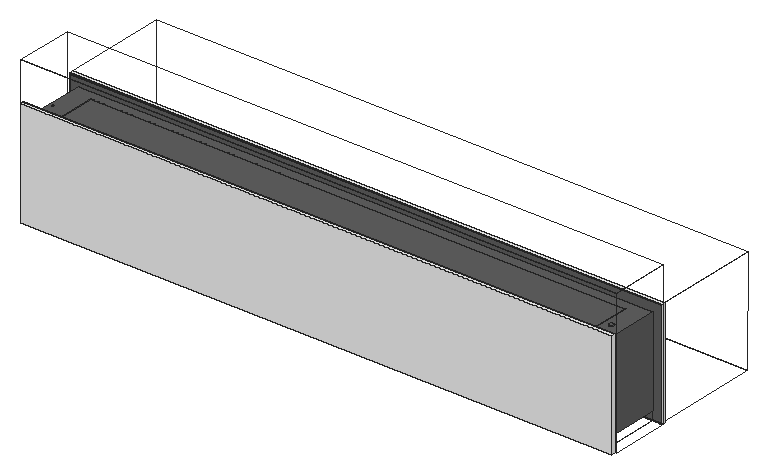
Revit family "AIRTECNICS_AIR CURTAIN_ZEN_WATER HEATED (P)123", category Mechanical Equipment, Revit 2016
Family settings
  Part Type = Normal
  Round Connector Dimension = Use Diameter
  OmniClass Number = 23.75.70.21.17
  OmniClass Title = Air Curtains
  Work Plane-Based = No
  Always vertical = Yes
  Cut with Voids When Loaded = No
  Shared = No
  Room Calculation Point = No
Parameters (values of type "ZEN M 2500 P")
  · POSITION · [instance] = "-/ Select Curtain Position /-"  # constant formula
  · PIPES POSITION · [instance] = "-/ Select Pipes Position /-"  # constant formula
  · OTHERS · [instance] = "-/ Select Supports - Inst.Maint. Space /-"  # constant formula
  · HEATING · [instance] = "-/ Select Heating /-"  # constant formula
  Weight [instance] = size_lookup(Name_Lookup_Data, "Weight", 1.00 kg, COD)  # 86.00 kg
  Water Pipes_P4 [instance] = no
  Water Pipes_P3 [instance] = no
  Water Pipes_P2 (Std) [instance] = if(or(Water Pipes_P1, Water Pipes_P3, Water Pipes_P4), 1 = 0, 1 = 1)  # yes
  Water Pipes_P1 [instance] = no
  Water Flow Connector [instance] = size_lookup(Name_Lookup_Data, "Water Flow_connector", 1.0 L/s, COD)  # 0.33 L/s
  Water Drop Pressure [instance] = size_lookup(Name_Lookup_Data, "Water Drop Pressure", 1.0 Pa, COD)  # 3810.0 Pa
  Water Coil Volume [instance] = size_lookup(Name_Lookup_Data, "Water Coil Volume", 1.0 L, COD)  # 2.6 L
  Water Coil Rows [instance] = size_lookup(Name_Lookup_Data, "Water Coil Rows", 1, COD)  # 2
  Voltage = 230 V  # constant formula
  Vertical Right [instance] = no
  Vertical Left [instance] = no
  URL_Manufacturer = "https://www.airtecnics.com/"
  URL_Datasheet = "https://www.airtecnics.com/download/file/1959/zen.pdf"
  Supports Length [instance] = 0.0 mm
  Supports (Horizontal) [instance] = if(and(Horizontal, Supports Length > 0.0 mm), 1 = 1, 1 = 0)  # no
  Revit Version = "Revit 2016 - English"  # constant formula
  Review Date = "10/2018"  # constant formula
  Remote Control = "IR-AIR"  # constant formula
  URL = "https://www.airtecnics.com/products/air-curtain-zen"
  Product Size = if(L = 1000.0 mm, "1000", if(L = 1500.0 mm, "1500", if(L = 2000.0 mm, "2000", "2500")))  # "2500"
  Product Reference [instance] = size_lookup(Name_Lookup_Ref, "", "Consult Manufacturer", COD)  # "ZEN M 2500 P86"
  Product Heating [instance] = if(and([P54 - 50/40ºC - 4 ROWS], not([P64 - 60/40ºC - 3 ROWS]), not([P86 - 80/60ºC - 2 ROWS])), "P54 - 50/40ºC - 4 ROWS", if(and([P64 - 60/40ºC - 3 ROWS], not([P54 - 50/40ºC - 4 ROWS]), not([P86 - 80/60ºC - 2 ROWS])), "P64 - 60/40ºC - 3 ROWS", if(and([P86 - 80/60ºC - 2 ROWS], not([P54 - 50/40ºC - 4 ROWS]), not([P64 - 60/40ºC - 3 ROWS])), "P86 - 80/60ºC - 2 ROWS", "Consult Manufacturer")))  # "P86 - 80/60ºC - 2 ROWS"
  Product Description [instance] = size_lookup(Name_Lookup_Data, "", "Consult Manufacturer", COD)  # "Self-supporting casing construction made of galvanized steel plate, finished in structural epoxy-polyester painting white colour RAL9016 as standard. Other colours or stainless steel are available on request. \r\nMicro-perforated inlet grille with filter functions and easy service. It does not need prefilter.\r\nAnodized aluminium outlet vanes, airfoil shaped, adjustable from 0 to 15º each side.\r\nDouble-inlet centrifugal fans driven by an external rotor motor and low noise level. 5-speed selector. \r\n“P” type with water heated coil. \r\nIncludes Plug&Play control with 7m RJ45 cable and infrared remote control. Optional: Clever control (programmable, automatic, intelligent, energy saving, Modbus RTU for BMS…)\r\nAir Volume: 4150 m3/h \r\nFans:  1,07 kW  4,75 A 230Vx1 50Hz\r\nHeating power: 26,92 kW (80/60ºC)\r\nDimensions: 475x260x2500 mm (depth, height, length)"
  Power Fans Factor [instance] = (Power Fans) / (Voltage * Current Fans)  # 0.98057
  Power Fans [instance] = size_lookup(Name_Lookup_Data, "Power Fans", 1 kW, COD)  # 0.742 kW
  P86 - 80/60ºC - 2 ROWS [instance] = if(or([P54 - 50/40ºC - 4 ROWS], [P64 - 60/40ºC - 3 ROWS]), 1 = 0, 1 = 1)  # yes
  P64 - 60/40ºC - 3 ROWS [instance] = no
  P54 - 50/40ºC - 4 ROWS [instance] = no
  P = 1 = 1  # yes
  Noise Level (dB(A)) [instance] = size_lookup(Name_Lookup_Data, "Noise Level (dB(A))", 1, COD)  # 59
  Name_Lookup_Ref = "ZEN_(P)_Ref_Lookup"  # constant formula
  Name_Lookup_Data = "ZEN_(P)_Data_Lookup"  # constant formula
  Model = "Air Curtain ZEN P"  # constant formula
  Material Panels [instance] = AIRTECNICS_Alumium Anodized
  Material Grille = AIRTECNICS_Perforated_Black Forge
  Material Curtain [instance] = AIRTECNICS_Black Forge
  Mainfolds [instance] = if(and([P54 - 50/40ºC - 4 ROWS], not(M), or(Water Pipes_P1, Water Pipes_P4)), "2x1'' M", if(and([P54 - 50/40ºC - 4 ROWS], not(M), or([Water Pipes_P2 (Std)], Water Pipes_P3)), "2x1'' F", if(or(Water Pipes_P1, Water Pipes_P4), "2x3/4'' M", "2x3/4'' F")))  # "2x3/4'' F"
  M = yes
  Length = if(L = 1000.0 mm, 1220.0 mm, if(L = 1500.0 mm, 1620.0 mm, if(L = 2000.0 mm, 2120.0 mm, 2620.0 mm)))  # 2620.0 mm
  Height = 291.0 mm  # constant formula
  Heating Capacity [instance] = size_lookup(Name_Lookup_Data, "Heating Capacity", 1 kW, COD)  # 27.69 kW
  G = no
  Frequency = 50 Hz  # constant formula
  Fans Stage = 5  # constant formula
  Family Version = "2.0"  # constant formula
  EC = no
  Depth = 473.0 mm  # constant formula
  D_Pipping_Connector [instance] = if(and([P54 - 50/40ºC - 4 ROWS], not(M)), 25 mm, 20 mm)  # 20 mm
  Current Fans [instance] = size_lookup(Name_Lookup_Data, "Current Fans", 1 A, COD)  # 3.29 A
  Created by = "BIMETRICAL"  # constant formula
  Control = "CW-5AW-IR"  # constant formula
  Cable = "CB7"  # constant formula
  COD [instance] = if(M, 1, 0) + if(and(G, not(EC)), 2, 0) + if(and(EC, G), 4, 0) + if([P54 - 50/40ºC - 4 ROWS], 10, 0) + if([P64 - 60/40ºC - 3 ROWS], 20, 0) + if([P86 - 80/60ºC - 2 ROWS], 40, 0) + if(L = 1000.0 mm, 100, 0) + if(L = 1500.0 mm, 200, 0) + if(L = 2000.0 mm, 400, 0) + if(L = 2500.0 mm, 800, 0)  # 841
  Aspiration/Maintenance Space [instance] = yes
  Apparent Load [instance] = size_lookup(Name_Lookup_Data, "Apparent Load", 1 VA, COD)  # 757.143 VA
  Airflow [instance] = size_lookup(Name_Lookup_Data, "Airflow", 1 m³/h, COD)  # 4340 m³/h
  A [instance] = if(Horizontal, 236.5 mm, 0.0 mm)  # 236.5 mm
  L = 2500.0 mm
  Type Image = <None>
  IfcExportType = "WATERHEATINGCOIL"  # constant formula
  IfcExportAs = "IfcCoilType"  # constant formula
  Horizontal [instance] = if(or(Vertical Left, Vertical Right), 1 = 0, 1 = 1)  # yes
  Manufacturer = "AIRTECNICS"  # constant formula
  Description = ""
  Type Comments = "Decorative air curtain in contemporary architectural style. Its minimalist and smart design integrates in any environment and offers infinite options to customize.\r\nThe panels can include logos, lighting, signage, safety or information signs, graphics, pictures, clocks, all according to customer specifications.\r\nFront anodized aluminium panels. Optionally manufactured in brushed or mirror polished stainless steel. Other materials are possible, such as galvanized steel, smooth or texturated skinplate, wood, etc.\r\nCentral structure made of galvanized steel finished in black forge as standard. Other colours are available on request.\r\nAnodized aluminium outlet vanes, airfoil shaped, adjustable in both directions.\r\nDouble-inlet centrifugal fans driven by an external rotor motor and low noise level. 5-speed selector. EC models assembled with very low consumption efficiency fans.\r\n“P” type with water heated coil. “E” type with electrical shielded elements, three stages with integrated regulation. “A” type without heating, air only. Optional expansion DX coil.\r\nIncludes Plug&Play control with 7m RJ45 cable and infrared remote control. Optional: Clever control (programmable, automatic, intelligent, energy saving, Modbus RTU for BMS…)"  # constant formula
  BIMETRICAL Category = "Coil"  # constant formula
  BIMETRICAL = "http://www.bimetrical.com"  # constant formula
  Angle [instance] = if(Horizontal, 0.00°, 90.00°)  # 0.00°
Reference planes
  plane 1 "Centro (Frontal/Posterior)": z = 0
  plane 2: y = 246.57
  plane 3 "Centro (Izquierda/Derecha)": x = 0
  plane 4 "Susp": z = 236.5
Lines and regions (mm)
  reference lines
    curve 1: line (0, 246.57, 236.5) -> (-145, 246.57, 236.5)
Dimensions and locks
  locked: plane 2 to nested 1 at 145.5
  "A": plane 4 "Susp" to plane 1 "Centro (Frontal/Posterior)"
  "Angle": angle plane 4 "Susp" to curve 1
  aligned and locked: plane 3 "Centro (Izquierda/Derecha)" to curve 1
  aligned and locked: plane 4 "Susp" to curve 1
Nested families
  nested 1: "GEOM_ZEN_(P)" at (0, 246.57, 236.5) x (0, 0, -1) z (1, 0, 0), type "GEOM_ZEN_(P)"
    with Z 0.0 mm, Vs2 yes, Vertical Right no, Vertical Left yes, Vertical no, M 2566.5 mm, K 833.0 mm, J 847.0 mm, G 1272.0 mm, COD 824, L 2500.0 mm, I 2544.0 mm, Horizontal yes, F 2490.0 mm, E 2620.0 mm, A 2515.0 mm
Connectors
  electrical at (-1257.5, 215.07, 433), driven by "Apparent Load", driven by "Voltage", driven by "Power Fans Factor", driven by "Apparent Load"
    settings: on nested 1, index 3, voltage 230 V, apparent load 757.143 VA, apparent load phase1 757.143 VA, apparent load phase2 0 VA, apparent load phase3 0 VA, power factor 0.98057, load classification "HVAC", number of poles 1, system type 30, power factor state 1, is connector primary yes, connector utility no, sub classification motor no, connector description ""
  piping at (1217, 155.07, 433), diameter 20, driven by "Water Flow Connector", driven by "Water Drop Pressure", driven by "D_Pipping_Connector"
    settings: on nested 1, index 4, connector inside diameter 609.6 mm, connector length 0.0 mm, flow factor 0, pipe flow 0.33 L/s, pressure drop 3810.0 Pa, fitting loss kfactor 0, connector angle 0.00°, fixture units 0, engagement length 0.0 mm, angle of deflection 0.00°, flow configuration 1, flow direction 1, fitting loss method 4, system type 7, joint type 0, gender type 0, connector reference index -1, connector utility 0, adjustable connector no, is connector primary yes, connector description "In"
  piping at (1217, 215.07, 433), diameter 20, driven by "Water Flow Connector", driven by "D_Pipping_Connector"
    settings: on nested 1, index 5, connector inside diameter 609.6 mm, connector length 0.0 mm, flow factor 0, pipe flow 0.33 L/s, pressure drop 0.0 Pa, fitting loss kfactor 0, connector angle 0.00°, fixture units 0, engagement length 0.0 mm, angle of deflection 0.00°, flow configuration 1, flow direction 2, fitting loss method 0, system type 8, joint type 0, gender type 0, connector reference index -1, connector utility 0, adjustable connector no, is connector primary no, connector description "Out"
Definition of nested family "GEOM_ZEN_(P)"
  Parameters (values of type "GEOM_ZEN_(P)")
    des.D = if(or(and(Vertical Right, V1), Horizontal), 361.0 mm, 0.0 mm)  # 361.0 mm
    des.C = if(or(and(Vertical Right, V1), Horizontal), 0.0 mm, 392.0 mm)  # 0.0 mm
    des.B = if(or(and(Vertical Right, V1), Horizontal), 0.0 mm, 298.3 mm)  # 0.0 mm
    Z = if(Horizontal, 0.0 mm, if(L = 1000.0 mm, E / 2 + 18.0 mm, E / 2 + 20.0 mm))  # 830.0 mm
    Water Pipes_P4 = no
    Water Pipes_P3 = no
    Water Pipes_P2 = yes
    Water Pipes_P1 = no
    Vsup1 = if(and(Vsup, Horizontal, L_Sup > 0.0 mm), 1 = 1, 1 = 0)  # no
    Vsup = no
    Vs2 = if(L > 2000.0 mm, 1 = 1, 1 = 0)  # no
    Vs1 = if(L > 1000.0 mm, 1 = 1, 1 = 0)  # yes
    Vinst2 = if(or(Vinst1, not([Aspiration/Maintenance Space])), 1 = 0, 1 = 1)  # yes
    Vinst1 = if(and([Aspiration/Maintenance Space], V2), 1 = 1, 1 = 0)  # no
    Vertical Right = yes
    Vertical Left = if(Vertical Right, 1 = 0, 1 = 1)  # no
    Vertical = if(and(not(Horizontal), or(Vertical Right, Vertical Left)), 1 = 1, 1 = 0)  # yes
    V2 = if(Horizontal, 1 = 0, if(or(Horizontal, Vertical Left), 1 = 1, 1 = 0))  # no
    V1 = if(Horizontal, 1 = 1, if(and(Vertical Right, Vertical), 1 = 1, 1 = 0))  # yes
    Revit Version = "Revit 2016 - English"  # constant formula
    Review Date = "10/18"  # constant formula
    O = if(L = 1000.0 mm, 54.5 mm, 52.5 mm)  # 52.5 mm
    Model = "ZEN"  # constant formula
    Material Perforated = none
    Material Panels = none
    Material Curtain = none
    Family Version = "2.0"  # constant formula
    Manufacturer = "AIRTECNICS"  # constant formula
    M = if(L = 1000.0 mm, L + 162.5 mm, L + 66.5 mm)  # 1566.5 mm
    Lookup_Dimensions.C2_Name = "C2_Dimensions_Lookup"  # constant formula
    Lookup_Dimensions.C1_Name = "C1_Dimensions_Lookup"  # constant formula
    L_Sup = 0.0 mm
    K = if(L = 2500.0 mm, 833.0 mm, 0.0 mm)  # 0.0 mm
    J = if(L = 1500.0 mm, 764.0 mm, if(L = 2000.0 mm, 1014.0 mm, if(L = 2500.0 mm, 847.0 mm, 573.5 mm)))  # 764.0 mm
    H = des.A + 51.0 mm  # 428.5 mm
    G = if(Vertical, I + 58.0 mm, F / 2 + 27.0 mm)  # 1602.0 mm
    D_Pipping_Connector = 20 mm
    Created by = "BIMETRICAL"  # constant formula
    COD = if(and(Vertical Right, Vertical), 1, 0) + if(and(Vertical Left, Vertical), 2, 0) + if(Horizontal, 4, 0) + if(Water Pipes_P1, 10, 0) + if(Water Pipes_P2, 20, 0) + if(Water Pipes_P3, 40, 0) + if(Water Pipes_P4, 80, 0) + if(L = 1000.0 mm, 100, 0) + if(L = 1500.0 mm, 200, 0) + if(L = 2000.0 mm, 400, 0) + if(L = 2500.0 mm, 800, 0)  # 221
    C2_D = size_lookup(Lookup_Dimensions.C2_Name, "C2_D", 98.0 mm, COD)  # 98.0 mm
    C2_C = size_lookup(Lookup_Dimensions.C2_Name, "C2_C", 34.5 mm, COD)  # 34.5 mm
    C2_B = size_lookup(Lookup_Dimensions.C2_Name, "C2_B", 34.5 mm, COD)  # 34.5 mm
    C2_A = size_lookup(Lookup_Dimensions.C2_Name, "C2_A", 55.0 mm, COD)  # 55.0 mm
    C1_D = size_lookup(Lookup_Dimensions.C1_Name, "C1_D", 38.0 mm, COD)  # 38.0 mm
    C1_C = size_lookup(Lookup_Dimensions.C1_Name, "C1_C", 34.5 mm, COD)  # 34.5 mm
    C1_B = size_lookup(Lookup_Dimensions.C1_Name, "C1_B", 34.5 mm, COD)  # 34.5 mm
    C1_A = size_lookup(Lookup_Dimensions.C1_Name, "C1_A", 55.0 mm, COD)  # 55.0 mm
    L = 1500.0 mm
    des.A = if(or(and(Vertical Right, V1), Horizontal), 377.5 mm, 0.0 mm)  # 377.5 mm
    I = if(L = 1000.0 mm, L + 140.0 mm, L + 44.0 mm)  # 1544.0 mm
    Horizontal = no
    F = I - 54.0 mm  # 1490.0 mm
    E = if(L = 1000.0 mm, L + 220.0 mm, L + 120.0 mm)  # 1620.0 mm
    Default Elevation = 1219.2 mm
    BIMETRICAL = "http://www.bimetrical.com/"  # constant formula
    Aspiration/Maintenance Space = yes
    A.Conn_S = if(or(and(Vertical Right, V1), Horizontal), 180.00°, 0.00°)  # 180.00°
    A.Conn_E = if(or(and(Vertical Right, V1), Horizontal), 180.00°, 0.00°)  # 180.00°
    A.Conn_2 = size_lookup(Lookup_Dimensions.C2_Name, "A.Conn_2", 0.00°, COD)  # 0.00°
    A.Conn_1 = size_lookup(Lookup_Dimensions.C1_Name, "A.Conn_1", 0.00°, COD)  # 0.00°
    A = if(L = 1000.0 mm, L + 115.0 mm, L + 15.0 mm)  # 1515.0 mm
  Reference planes
    plane 1 "Centro (Frontal/Posterior)": y = 0
    plane 2: z = 0
    plane 3 "Centro (Izquierda/Derecha)": x = 0
    plane 4: z = 830
    plane 5: y = -73.25
    plane 6: x = -196.5
    plane 7: z = 1547
    plane 8 "TUBERIA 1": y = -91.5
    plane 9: z = 1602
    plane 10 "TUBERIA 2": x = -162
    plane 11: x = -196.5
    plane 12: y = -129.5
    plane 13: x = 181
    plane 14: x = 196.495
    plane 15: x = -162
    plane 16: z = 1547
    plane 17: y = -31.5
    plane 18: z = 2639.027
    plane 19: z = 20
    plane 20: z = 1639
    plane 21: z = 838
    plane 22: z = 838
    plane 23: z = 72.5
    plane 24: y = -31.5
    plane 25: y = -91.5
  Forms (mm)
    Extrusion 1, solid
      sketch origin (0, 0, 0) x (1, 0, 0) y (0, 1, 0)
        loop
          line (-1219.2, 1219.2) -> (-1219.2, -1219.2) -> (1219.2, -1219.2) -> (1219.2, 1219.2) -> (-1219.2, 1219.2)
      from 0 to -304.8
    Extrusion 2, solid, material <- "Material Panels"
      sketch origin (0, 0, 889.252) x (0, -1, 0) y (1, 0, 0)
        loop
          line (-145.5, 236.5) -> (-145.5, -236.5) -> (-129.5, -236.5) -> (-129.5, 236.5) -> (-145.5, 236.5)
        loop
          line (145.5, 236.5) -> (129.5, 236.5) -> (129.5, -236.5) -> (145.5, -236.5) -> (145.5, 236.5)
      from -869.252 to 750.748
    Extrusion 3, solid, material <- "Material Curtain"
      sketch origin (0, 0, 889.252) x (0, -1, 0) y (0, 0, 1)
        loop
          line (-129.5, 712.748) -> (-129.5, -831.252) -> (129.5, -831.252) -> (129.5, 712.748) -> (-129.5, 712.748)
      from -196.5 to 196.5
    Extrusion 4, void, detail levels medium+fine
      sketch origin (-64.7, -73.5, 0) x (1, 0, 0) y (0, 1, 0)
        loop
          line (261.195, -34.75) -> (261.195, 35.25) -> (245.7, 35.25) -> (245.7, -34.75) -> (261.195, -34.75)
      from 85 to 1575
    Extrusion 5, solid, visible <- "V1", detail levels medium+fine
      sketch origin (0, 0, 1310) x (0, -1, 0) y (-1, 0, 0)
        loop
          line (58.464, -173.27) -> (61.756, -192)
          arc (61.756, -192) -> (63.451, -193.452) -> (65.121, -191.97) r 1.698
          line (65.121, -191.97) -> (68.095, -172.627)
          arc (68.095, -172.627) -> (62.951, -168.018) -> (58.464, -173.27) r 4.828
        loop
          line (78.553, -172.822) -> (81.504, -192.726)
          arc (81.504, -192.726) -> (83.138, -193.439) -> (84.08, -191.926) r 1.363
          line (84.08, -191.926) -> (87.529, -172.626)
          arc (87.529, -172.626) -> (82.938, -168.001) -> (78.553, -172.822) r 4.495
      from -265 to 1225
    Extrusion 6, solid, visible <- "V2", detail levels medium+fine
      sketch origin (0, 0, 1310) x (0, 1, 0) y (1, 0, 0)
        loop
          arc (-58.774, -173.603) -> (-59.776, -170.312) -> (-62.811, -168.693) r 4.495
          line (-62.811, -168.693) -> (-63.684, -168.693)
          arc (-63.684, -168.693) -> (-66.482, -170.045) -> (-67.734, -172.889) r 4.495
          line (-67.734, -172.889) -> (-64.759, -192.231)
          arc (-64.759, -192.231) -> (-63.451, -193.452) -> (-62.062, -192.325) r 1.363
          line (-62.062, -192.325) -> (-58.774, -173.603)
        loop
          arc (-84.395, -192.262) -> (-83.058, -193.451) -> (-81.696, -192.291) r 1.363
          line (-81.696, -192.291) -> (-78.88, -173.603)
          arc (-78.88, -173.603) -> (-79.882, -170.312) -> (-82.917, -168.693) r 4.495
          line (-82.917, -168.693) -> (-83.79, -168.693)
          arc (-83.79, -168.693) -> (-86.614, -170.073) -> (-87.844, -172.966) r 4.495
          line (-87.844, -172.966) -> (-84.395, -192.262)
      from -265 to 1225
    Extrusion 7, solid, material <- "Material Curtain", visible <- "Vertical"
      sketch origin (-779.074, -4572, 1549) x (-1, 0, 0) y (0, -1, 0)
        loop
          line (-586.574, -4698.5) -> (-586.574, -4445.5) -> (-971.574, -4445.5) -> (-971.574, -4698.5) -> (-586.574, -4698.5)
      from -1491 to -1549
    Extrusion 8, void
      sketch origin (0, 0, 0) x (1, 0, 0) y (0, 1, 0)
        loop
          line (-235.5, -129.5) -> (-235.5, -130.5) -> (235.5, -130.5) -> (235.5, -129.5) -> (-235.5, -129.5)
        loop
          line (-235.5, 129.5) -> (235.5, 129.5) -> (235.5, 130.5) -> (-235.5, 130.5) -> (-235.5, 129.5)
      from 21.044 to 1639.012
    Extrusion 9, void, detail levels medium+fine
      sketch origin (0, -0.321, 0) x (0, 1, 0) y (0, 0, 1)
        loop
          line (-102.318, 1514.4) -> (-102.318, 145.6) -> (90.521, 145.6) -> (90.521, 1514.4) -> (-102.318, 1514.4)
      from -101.8 to -196.5
    Extrusion 10, solid, material <- "Material Perforated"
      sketch origin (-60, 0, 0) x (0, 1, 0) y (0, 0, 1)
        loop
          line (-102.639, 1514.4) -> (-102.639, 145.6) -> (90.2, 145.6) -> (90.2, 1514.4) -> (-102.639, 1514.4)
      from -136.5 to -135.5
    Extrusion 11, solid, detail levels medium+fine
      sketch origin (-64.7, -73.5, 1575) x (0, 1, 0) y (1, 0, 0)
        loop
          line (16.25, 261.2) -> (-15.75, 261.2) -> (-15.75, 229.2) -> (16.25, 229.2) -> (16.25, 261.2)
      from 0 to 3
    Extrusion 12, solid, detail levels medium+fine
      sketch origin (-64.7, -73.5, 85) x (1, 0, 0) y (0, 1, 0)
        loop
          line (229.2, 16.25) -> (229.2, -15.75) -> (261.2, -15.75) -> (261.2, 16.25) -> (229.2, 16.25)
      from 0 to 3
    Extrusion 13, solid, visible <- "Vs1", detail levels medium+fine
      sketch origin (0, -702.852, 838) x (0, -1, 0) y (1, 0, 0)
        loop
          line (-645.602, 164.5) -> (-613.602, 164.5) -> (-613.602, 196.5) -> (-645.602, 196.5) -> (-645.602, 164.5)
      from 0 to -3
    Extrusion 14, solid, material <- "Material Curtain", visible <- "Vs1", detail levels medium+fine
      sketch origin (0, -702.852, 835) x (1, 0, 0) y (0, -1, 0)
        loop
          line (196.5, -664.602) -> (196.5, -594.602) -> (164.5, -594.602) -> (164.5, -664.602) -> (196.5, -664.602)
      from 0 to 10
    Extrusion 15, solid, visible <- "Vs1", detail levels medium+fine
      sketch origin (0, -702.852, 825) x (0, 1, 0) y (1, 0, 0)
        loop
          line (645.602, 164.5) -> (645.602, 196.5) -> (613.602, 196.5) -> (613.602, 164.5) -> (645.602, 164.5)
      from 0 to 3
    Extrusion 16, solid, visible <- "Vs2", detail levels medium+fine
      sketch origin (0, -702.852, 838) x (0, -1, 0) y (1, 0, 0)
        loop
          line (-645.602, 164.5) -> (-613.602, 164.5) -> (-613.602, 196.5) -> (-645.602, 196.5) -> (-645.602, 164.5)
      from 0 to -3
    Extrusion 17, solid, material <- "Material Curtain", visible <- "Vs2", detail levels medium+fine
      sketch origin (0, -702.852, 835) x (1, 0, 0) y (0, -1, 0)
        loop
          line (164.5, -664.602) -> (196.5, -664.602) -> (196.5, -594.602) -> (164.5, -594.602) -> (164.5, -664.602)
      from 0 to 10
    Extrusion 18, solid, visible <- "Vs2", detail levels medium+fine
      sketch origin (0, -702.852, 825) x (0, 1, 0) y (1, 0, 0)
        loop
          line (645.602, 164.5) -> (645.602, 196.5) -> (613.602, 196.5) -> (613.602, 164.5) -> (645.602, 164.5)
      from 0 to 3
    Extrusion 19, solid, material <- "Material Curtain"
      sketch origin (-196.5, -31.5, 72.5) x (0, 0, 1) y (0, 1, 0)
        loop
          line (2.5, -2.5) -> (2.5, 2.5) -> (-2.5, 2.5) -> (-2.5, -2.5) -> (2.5, -2.5)
      from 0 to -1
    Extrusion 20, solid, visible <- "Vsup1"
      sketch origin (-196.5, -101, 1255.5) x (0, 0, 1) y (0, 1, 0)
        loop
          circle (332, 202) r 4
        loop
          circle (332, 0) r 4
        loop
          circle (-1183, 0) r 4
        loop
          circle (-1183, 202) r 4
      from -1 to 0
    Extrusion 21, solid, visible <- "Vinst2"
      sketch origin (0, -31.5, 92.379) x (0, 0, 1) y (1, 0, 0)
        loop
          line (1509.621, 236.5) -> (1509.621, -196.5) -> (-34.379, -196.5) -> (-34.379, 236.5) -> (-82.379, 236.5) -> (-82.379, -398.063) -> (1557.621, -398.063) -> (1557.621, 236.5) -> (1509.621, 236.5)
      from -98 to 161
    Extrusion 22, solid, visible <- "Vinst1"
      sketch origin (0, -31.5, 92.379) x (0, 0, 1) y (1, 0, 0)
        loop
          line (1509.621, -236.5) -> (1557.621, -236.5) -> (1557.621, 398.063) -> (-82.379, 398.063) -> (-82.379, -236.5) -> (-34.379, -236.5) -> (-34.379, 196.5) -> (1509.621, 196.5) -> (1509.621, -236.5)
      from -98 to 161
    Extrusion 23, solid, visible <- "Aspiration/Maintenance Space"
      sketch origin (0, 0, 1640) x (0, -1, 0) y (1, 0, 0)
        loop
          line (-129.5, 236.5) -> (-609.5, 236.5) -> (-609.5, -236.5) -> (-129.5, -236.5) -> (-129.5, 236.5)
      from 0 to -1620
    Extrusion 24, solid, material <- "Material Curtain"
      sketch origin (-196.5, -31.5, 1547) x (0, 1, 0) y (0, 0, -1)
        loop
          circle (0, 0) r 10
      from 0 to -1
    Extrusion 25, solid, material <- "Material Curtain"
      sketch origin (-196.5, -91.5, 1547) x (0, 1, 0) y (0, 0, -1)
        loop
          circle (0, 0) r 10
      from 0 to -1
    Extrusion 26, solid, material <- "Material Curtain"
      sketch origin (0, 0, 1639.012) x (0, 1, 0) y (1, 0, 0)
        loop
          line (130.5, 235.5) -> (129.5, 235.5) -> (129.5, -235.5) -> (130.5, -235.5) -> (130.5, 235.5)
        loop
          line (-129.5, 235.5) -> (-130.5, 235.5) -> (-130.5, -235.5) -> (-129.5, -235.5) -> (-129.5, 235.5)
      from 0 to 1617.967
  Cuts and joins
    Extrusion 4, Extrusion 8 cuts Extrusion 2
    Extrusion 4, Extrusion 9 cuts Extrusion 3
  Lines and regions (mm)
    reference lines
      curve 1: line (-162, -31.5, 1547) -> (-196.5, -31.5, 1547)
      curve 2: line (-196.5, -31.5, 72.5) -> (0, -31.5, 72.5)
      curve 3: line (-196.5, -101, 1255.5) -> (0, -101, 1255.5)
      curve 83: line (-162, -91.5, 1547) -> (-196.5, -91.5, 1547)
    symbolic lines
      curve 4: line (-236.5, 145.5, 1255.5) -> (236.5, 145.5, 1255.5)
      curve 5: line (-236.5, 129.5, 1255.5) -> (-236.5, 145.5, 1255.5)
      curve 6: line (236.5, 129.5, 1255.5) -> (-236.5, 129.5, 1255.5)
      curve 7: line (236.5, 145.5, 1255.5) -> (236.5, 129.5, 1255.5)
      curve 8: line (-196.5, 129.5, 1255.5) -> (196.5, 129.5, 1255.5)
      curve 9: line (-196.5, -129.5, 1255.5) -> (-196.5, 129.5, 1255.5)
      curve 10: line (196.5, -129.5, 1255.5) -> (-196.5, -129.5, 1255.5)
      curve 11: line (196.5, 129.5, 1255.5) -> (196.5, -129.5, 1255.5)
      curve 12: line (-236.5, -145.5, 1255.5) -> (236.5, -145.5, 1255.5)
      curve 13: line (-236.5, -129.5, 1255.5) -> (-236.5, -145.5, 1255.5)
      curve 14: line (236.5, -129.5, 1255.5) -> (-236.5, -129.5, 1255.5)
      curve 15: line (236.5, -145.5, 1255.5) -> (236.5, -129.5, 1255.5)
      curve 16: line (0, 145.5, 1640) -> (0, 129.5, 1640)
      curve 17: line (0, 145.5, 20) -> (0, 145.5, 1640)
      curve 18: line (0, 129.5, 20) -> (0, 145.5, 20)
      curve 19: line (0, 129.5, 1640) -> (0, 129.5, 20)
      curve 20: line (0, -145.5, 1640) -> (0, -129.5, 1640)
      curve 21: line (0, -145.5, 20) -> (0, -145.5, 1640)
      curve 22: line (0, -129.5, 20) -> (0, -145.5, 20)
      curve 23: line (0, -129.5, 1640) -> (0, -129.5, 20)
      curve 24: line (0, -129.5, 1602) -> (0, 129.5, 1602)
      curve 25: line (0, -129.5, 58) -> (0, -129.5, 1602)
      curve 26: line (0, 129.5, 58) -> (0, -129.5, 58)
      curve 27: line (0, 129.5, 1602) -> (0, 129.5, 58)
      curve 70: line (0, -58.444, 1575) -> (0, -68.095, 1575)
      curve 71: line (0, -58.444, 85) -> (0, -58.444, 1575)
      curve 72: line (0, -68.095, 85) -> (0, -58.444, 85)
      curve 73: line (0, -68.095, 1575) -> (0, -68.095, 85)
      curve 74: line (0, -78.541, 1575) -> (0, -87.838, 1575)
      curve 75: line (0, -78.541, 85) -> (0, -78.541, 1575)
      curve 76: line (0, -87.838, 85) -> (0, -78.541, 85)
      curve 77: line (0, -87.838, 1575) -> (0, -87.838, 85)
    symbolic lines, visible <- "Vertical"
      curve 28: line (0, 126.5, 0) -> (0, -126.5, 0)
      curve 29: line (0, 126.5, 58) -> (0, 126.5, 0)
      curve 30: line (0, -126.5, 58) -> (0, 126.5, 58)
      curve 31: line (0, -126.5, 0) -> (0, -126.5, 58)
    symbolic lines, visible <- "Aspiration/Maintenance Space"
      curve 32: line (-236.5, 129.5, 1255.5) -> (236.5, 129.5, 1255.5)
      curve 33: line (-236.5, 609.5, 1255.5) -> (-236.5, 129.5, 1255.5)
      curve 34: line (236.5, 609.5, 1255.5) -> (-236.5, 609.5, 1255.5)
      curve 35: line (236.5, 129.5, 1255.5) -> (236.5, 609.5, 1255.5)
      curve 44: line (0, 129.5, 1640) -> (0, 609.5, 1640)
      curve 45: line (0, 129.5, 20) -> (0, 129.5, 1640)
      curve 46: line (0, 609.5, 20) -> (0, 129.5, 20)
      curve 47: line (0, 609.5, 1640) -> (0, 609.5, 20)
    symbolic lines, visible <- "Vinst1"
      curve 36: line (196.5, 129.5, 1255.5) -> (398.063, 129.5, 1255.5)
      curve 37: line (196.5, -129.5, 1255.5) -> (196.5, 129.5, 1255.5)
      curve 38: line (398.063, -129.5, 1255.5) -> (196.5, -129.5, 1255.5)
      curve 39: line (398.063, 129.5, 1255.5) -> (398.063, -129.5, 1255.5)
      curve 48: line (-236.5, -31.5, 1650) -> (398.063, -31.5, 1650)
      curve 49: line (398.063, -31.5, 1650) -> (398.063, -31.5, 10)
      curve 50: line (398.063, -31.5, 10) -> (-236.5, -31.5, 10)
      curve 84: line (-236.5, -91.5, 1640) -> (-236.5, -91.5, 1650)
      curve 85: line (-236.5, -91.5, 10) -> (-236.5, -91.5, 20)
    symbolic lines, visible <- "Vinst2"
      curve 40: line (-398.063, 129.5, 1255.5) -> (-196.5, 129.5, 1255.5)
      curve 41: line (-398.063, -129.5, 1255.5) -> (-398.063, 129.5, 1255.5)
      curve 42: line (-196.5, -129.5, 1255.5) -> (-398.063, -129.5, 1255.5)
      curve 43: line (-196.5, 129.5, 1255.5) -> (-196.5, -129.5, 1255.5)
      curve 51: line (236.5, -31.5, 10) -> (-398.063, -31.5, 10)
      curve 52: line (-398.063, -31.5, 10) -> (-398.063, -31.5, 1650)
      curve 53: line (-398.063, -31.5, 1650) -> (236.5, -31.5, 1650)
      curve 78: line (236.5, -31.5, 10) -> (236.5, -31.5, 20)
      curve 86: line (236.5, -91.5, 2650) -> (236.5, -91.5, 2642)
      curve 87: line (236.5, -91.5, 1640) -> (236.5, -91.5, 1650)
    symbolic lines, visible <- "V2"
      curve 54: arc (-173.603, -58.774, 1255.5) -> (-168.686, -62.891, 1255.5) -> (-172.889, -67.734, 1255.5) r 4.495
      curve 55: arc (-192.231, -64.759, 1255.5) -> (-193.452, -63.451, 1255.5) -> (-192.325, -62.062, 1255.5) r 1.363
      curve 56: arc (-173.494, -78.864, 1255.5) -> (-168.679, -83.098, 1255.5) -> (-172.998, -87.838, 1255.5) r 4.495
      curve 57: arc (-192.262, -84.395, 1255.5) -> (-193.451, -83.058, 1255.5) -> (-192.291, -81.696, 1255.5) r 1.363
      curve 58: line (-172.889, -67.734, 1255.5) -> (-192.231, -64.759, 1255.5)
      curve 59: line (-192.325, -62.062, 1255.5) -> (-173.603, -58.774, 1255.5)
      curve 60: line (-172.998, -87.838, 1255.5) -> (-192.262, -84.395, 1255.5)
      curve 61: line (-192.291, -81.696, 1255.5) -> (-173.494, -78.864, 1255.5)
    symbolic lines, visible <- "V1"
      curve 62: arc (173.27, -58.464, 1255.5) -> (168.018, -62.951, 1255.5) -> (172.627, -68.095, 1255.5) r 4.828
      curve 63: arc (191.97, -65.121, 1255.5) -> (193.452, -63.451, 1255.5) -> (192, -61.756, 1255.5) r 1.698
      curve 64: arc (172.822, -78.553, 1255.5) -> (168.001, -82.938, 1255.5) -> (172.626, -87.529, 1255.5) r 4.495
      curve 65: arc (191.926, -84.08, 1255.5) -> (193.439, -83.138, 1255.5) -> (192.726, -81.504, 1255.5) r 1.363
      curve 66: line (172.627, -68.095, 1255.5) -> (191.97, -65.121, 1255.5)
      curve 67: line (192, -61.756, 1255.5) -> (173.27, -58.464, 1255.5)
      curve 68: line (172.626, -87.529, 1255.5) -> (191.926, -84.08, 1255.5)
      curve 69: line (192.726, -81.504, 1255.5) -> (172.822, -78.553, 1255.5)
    symbolic lines, visible <- "Vsup1"
      curve 79: circle (0, 101, 1587.5) r 4 normal (1, 0, 0)
      curve 80: circle (0, -101, 1587.5) r 4 normal (1, 0, 0)
      curve 81: circle (0, 101, 72.5) r 4 normal (1, 0, 0)
      curve 82: circle (0, -101, 72.5) r 4 normal (1, 0, 0)
  Dimensions and locks
    Extrusion 2 sketch curve to Extrusion 2 sketch curve = 473.0 mm  (x2)
    Extrusion 3 sketch curve to Extrusion 3 sketch curve = 1544.0 mm
    locked: Extrusion 3 to Extrusion 3 at 393
    "E": Extrusion 2 to Extrusion 2
    equal spacing: Extrusion 2, plane 4, Extrusion 2
    equal spacing: Extrusion 3, plane 4, Extrusion 3
    "I": Extrusion 3 to Extrusion 3
    locked: Extrusion 2 to Extrusion 2 at 473
    locked: Extrusion 2 to Extrusion 2 at 16  (x2)
    locked: Extrusion 2 to Extrusion 2 at 291
    "Z": plane 4 to level
    equal spacing: Extrusion 2, plane 3 "Centro (Izquierda/Derecha)", Extrusion 2
    equal spacing: Extrusion 3, plane 3 "Centro (Izquierda/Derecha)", Extrusion 3
    equal spacing: Extrusion 2, plane 1 "Centro (Frontal/Posterior)", Extrusion 2
    locked: plane 1 "Centro (Frontal/Posterior)" to plane 5 at 73.25
    equal spacing: Extrusion 6, plane 4, Extrusion 6
    "F": Extrusion 6 to Extrusion 6
    "C1_A": plane 9 to plane 7
    locked: plane 3 "Centro (Izquierda/Derecha)" to plane 11 at 196.5
    "C1_B": plane 11 to plane 10 "TUBERIA 2"
    locked: plane 1 "Centro (Frontal/Posterior)" to plane 12 at 129.5
    "G": plane 9 to level
    locked: plane 13 to plane 14 at 15.495
    locked: Extrusion 4 sketch curve to Extrusion 4 sketch curve at 70
    equal spacing: Extrusion 4 sketch curve, plane 5, Extrusion 4 sketch curve
    locked: Extrusion 7 to Extrusion 7 at 58
    locked: plane 11 to Extrusion 5 sketch curve at 364.507
    locked: plane 11 to Extrusion 5 sketch curve at 364.5
    locked: plane 11 to Extrusion 5 sketch curve at 389.952
    locked: plane 11 to Extrusion 5 sketch curve at 390
    "C2_B": plane 11 to plane 15
    "C2_A": plane 9 to plane 16
    "C2_D": plane 17 to plane 12
    "C2_C": curve 1 to curve 1
    locked: cut or joined group of Extrusion 2, Extrusion 4, Extrusion 8 to Extrusion 8 sketch curve at 1
    locked: Extrusion 8 sketch curve to cut or joined group of Extrusion 2, Extrusion 4, Extrusion 8 at 1
    plane 18 to cut or joined group of Extrusion 2, Extrusion 4, Extrusion 8 = 999.027 mm
    equal spacing: Extrusion 7, plane 1 "Centro (Frontal/Posterior)", Extrusion 7
    locked: Extrusion 7 to Extrusion 7 at 253
    equal spacing: Extrusion 7, plane 3 "Centro (Izquierda/Derecha)", Extrusion 7
    locked: Extrusion 7 to Extrusion 7 at 385
    locked: Extrusion 9 sketch curve to plane 9 at 87.6
    locked: Extrusion 9 sketch curve to cut or joined group of Extrusion 3, Extrusion 4, Extrusion 9 at 87.6
    locked: Extrusion 9 to Extrusion 9 at 94.7
    "des.B": plane 11 to Extrusion 9
    locked: Extrusion 10 to Extrusion 10 at 1
    "des.C": plane 11 to Extrusion 10
    locked: plane 9 to plane 20 at 37
    locked: cut or joined group of Extrusion 3, Extrusion 4, Extrusion 9 to plane 1 "Centro (Frontal/Posterior)" at 90.2
    locked: cut or joined group of Extrusion 3, Extrusion 4, Extrusion 9 to plane 1 "Centro (Frontal/Posterior)" at 102.639
    locked: Extrusion 11 sketch curve to Extrusion 11 sketch curve at 32  (x2)
    locked: Extrusion 11 sketch curve to plane 5 at 16
    locked: Extrusion 11 to cut or joined group of Extrusion 3, Extrusion 4, Extrusion 9 at 3
    locked: Extrusion 12 sketch curve to Extrusion 12 sketch curve at 32  (x2)
    locked: plane 5 to Extrusion 12 sketch curve at 16
    locked: cut or joined group of Extrusion 3, Extrusion 4, Extrusion 9 to Extrusion 12 at 3
    "des.D": cut or joined group of Extrusion 3, Extrusion 4, Extrusion 9 to Extrusion 11 sketch curve
    "des.D": plane 11 to Extrusion 12 sketch curve
    plane 9 to plane 4 to cut or joined group of Extrusion 3, Extrusion 4, Extrusion 9 = 772.0 mm, 772.0 mm
    "J": plane 9 to plane 21
    locked: Extrusion 13 sketch curve to Extrusion 13 sketch curve at 32  (x2)
    locked: plane 5 to Extrusion 13 sketch curve at 16
    locked: Extrusion 13 to plane 21 at 3
    "des.D": plane 11 to Extrusion 13 sketch curve
    locked: Extrusion 14 sketch curve to Extrusion 14 sketch curve at 32
    locked: Extrusion 14 sketch curve to plane 5 at 35
    locked: Extrusion 14 sketch curve to Extrusion 14 sketch curve at 70
    locked: Extrusion 14 to Extrusion 14 at 10
    locked: Extrusion 15 sketch curve to Extrusion 15 sketch curve at 32  (x2)
    locked: Extrusion 15 sketch curve to plane 5 at 16
    locked: Extrusion 15 to Extrusion 14 at 3
    locked: Extrusion 16 sketch curve to Extrusion 16 sketch curve at 32  (x2)
    locked: plane 5 to Extrusion 16 sketch curve at 16
    "des.D": plane 11 to Extrusion 16 sketch curve
    locked: Extrusion 16 to plane 22 at 3
    locked: Extrusion 17 sketch curve to Extrusion 17 sketch curve at 32
    locked: plane 5 to Extrusion 17 sketch curve at 35
    locked: Extrusion 17 sketch curve to Extrusion 17 sketch curve at 70
    locked: Extrusion 17 to Extrusion 17 at 10
    locked: Extrusion 18 to Extrusion 18 at 3
    "K": plane 21 to plane 22
    locked: plane 24 to cut or joined group of Extrusion 2, Extrusion 4, Extrusion 8 at 177
    locked: curve 2 to curve 2 at 196.5
    "M": plane 23 to plane 20
    "L_Sup": Extrusion 20 to cut or joined group of Extrusion 3, Extrusion 4, Extrusion 9
    cut or joined group of Extrusion 2, Extrusion 4, Extrusion 8 to Extrusion 20 sketch curve = 44.5 mm
    locked: Extrusion 20 sketch curve to cut or joined group of Extrusion 2, Extrusion 4, Extrusion 8 at 44.5  (x2)
    locked: cut or joined group of Extrusion 2, Extrusion 4, Extrusion 8 to Extrusion 20 sketch curve at 44.5
    locked: Extrusion 21 sketch curve to Extrusion 21 sketch curve at 48  (x2)
    locked: Extrusion 21 sketch curve to Extrusion 21 sketch curve at 634.563  (x2)
    locked: Extrusion 21 sketch curve to Extrusion 21 sketch curve at 201.563
    locked: Extrusion 22 sketch curve to Extrusion 22 sketch curve at 48  (x2)
    locked: Extrusion 22 sketch curve to Extrusion 22 sketch curve at 634.563  (x2)
    locked: Extrusion 22 sketch curve to Extrusion 22 sketch curve at 201.563
    locked: Extrusion 23 sketch curve to Extrusion 23 sketch curve at 480
    locked: plane 11 to curve 54 at 23.333
    locked: plane 11 to curve 56 at 23.333
    "C1_D": plane 25 to plane 12
    "des.A": plane 11 to plane 13
    plane 11 to Extrusion 6 sketch curve to Extrusion 6 sketch curve = 27.807 mm locked, 0.0 mm locked
    "C1_C": curve 83 to curve 83
    "O": cut or joined group of Extrusion 2, Extrusion 4, Extrusion 8 to Extrusion 20 sketch curve  (x4)
    locked: cut or joined group of Extrusion 2, Extrusion 4, Extrusion 8 to cut or joined group of Extrusion 2, Extrusion 4, Extrusion 8 at 1.044
    locked: cut or joined group of Extrusion 2, Extrusion 4, Extrusion 8 to cut or joined group of Extrusion 2, Extrusion 4, Extrusion 8 at 0.988
    "A.Conn_2": angle plane 16 to curve 1
    "A.Conn_E": angle curve 2 to plane 24
    "A.Conn_1": angle plane 16 to curve 83
    aligned and locked: plane 2 to Extrusion 1
    aligned and locked: level to Extrusion 1
    aligned and locked: Extrusion 3 to Extrusion 2  (x2)
    aligned and locked: Extrusion 2 to Extrusion 2  (x2)
    aligned and locked: plane 14 to Extrusion 4 sketch curve  (x2)
    aligned and locked: cut or joined group of Extrusion 3, Extrusion 4, Extrusion 9 to Extrusion 6
    aligned and locked: cut or joined group of Extrusion 3, Extrusion 4, Extrusion 9 to Extrusion 5
    aligned and locked: Extrusion 6 to cut or joined group of Extrusion 3, Extrusion 4, Extrusion 9
    aligned and locked: Extrusion 5 to cut or joined group of Extrusion 3, Extrusion 4, Extrusion 9
    aligned and locked: plane 16 to curve 1
    aligned and locked: plane 15 to curve 1
    aligned and locked: cut or joined group of Extrusion 3, Extrusion 4, Extrusion 9 to Extrusion 10  (x3)
    aligned and locked: Extrusion 10 to cut or joined group of Extrusion 3, Extrusion 4, Extrusion 9
    aligned and locked: Extrusion 18 sketch curve to Extrusion 12  (x4)
    aligned and locked: plane 3 "Centro (Izquierda/Derecha)" to curve 2
    aligned and locked: plane 24 to curve 2
    aligned and locked: plane 3 "Centro (Izquierda/Derecha)" to curve 3
    aligned and locked: curve 4 to cut or joined group of Extrusion 2, Extrusion 4, Extrusion 8
    aligned and locked: curve 5 to cut or joined group of Extrusion 2, Extrusion 4, Extrusion 8
    aligned and locked: curve 6 to cut or joined group of Extrusion 2, Extrusion 4, Extrusion 8
    aligned and locked: curve 7 to cut or joined group of Extrusion 2, Extrusion 4, Extrusion 8
    aligned and locked: curve 8 to curve 6
    aligned and locked: curve 9 to cut or joined group of Extrusion 3, Extrusion 4, Extrusion 9
    aligned and locked: curve 10 to cut or joined group of Extrusion 3, Extrusion 4, Extrusion 9
    aligned and locked: curve 11 to cut or joined group of Extrusion 3, Extrusion 4, Extrusion 9
    aligned and locked: curve 12 to cut or joined group of Extrusion 2, Extrusion 4, Extrusion 8
    aligned and locked: curve 13 to cut or joined group of Extrusion 2, Extrusion 4, Extrusion 8
    aligned and locked: curve 14 to cut or joined group of Extrusion 2, Extrusion 4, Extrusion 8
    aligned and locked: curve 15 to cut or joined group of Extrusion 2, Extrusion 4, Extrusion 8
    aligned and locked: curve 16 to cut or joined group of Extrusion 2, Extrusion 4, Extrusion 8
    aligned and locked: curve 17 to cut or joined group of Extrusion 2, Extrusion 4, Extrusion 8
    aligned and locked: cut or joined group of Extrusion 2, Extrusion 4, Extrusion 8 to curve 18
    aligned and locked: curve 19 to cut or joined group of Extrusion 2, Extrusion 4, Extrusion 8
    aligned and locked: curve 20 to cut or joined group of Extrusion 2, Extrusion 4, Extrusion 8
    aligned and locked: curve 21 to cut or joined group of Extrusion 2, Extrusion 4, Extrusion 8
    aligned and locked: curve 22 to cut or joined group of Extrusion 2, Extrusion 4, Extrusion 8
    aligned and locked: curve 23 to cut or joined group of Extrusion 2, Extrusion 4, Extrusion 8
    aligned and locked: curve 24 to cut or joined group of Extrusion 3, Extrusion 4, Extrusion 9
    aligned and locked: curve 25 to curve 23
    aligned and locked: curve 26 to cut or joined group of Extrusion 3, Extrusion 4, Extrusion 9
    aligned and locked: curve 19 to curve 27
    aligned and locked: curve 28 to Extrusion 7
    aligned and locked: curve 29 to Extrusion 7
    aligned and locked: curve 30 to curve 26
    aligned and locked: curve 31 to Extrusion 7
    aligned and locked: Extrusion 21 sketch curve to plane 9
    aligned and locked: Extrusion 21 sketch curve to cut or joined group of Extrusion 3, Extrusion 4, Extrusion 9
    aligned and locked: Extrusion 21 to cut or joined group of Extrusion 2, Extrusion 4, Extrusion 8  (x2)
    aligned and locked: Extrusion 22 sketch curve to cut or joined group of Extrusion 3, Extrusion 4, Extrusion 9
    aligned and locked: Extrusion 22 to cut or joined group of Extrusion 2, Extrusion 4, Extrusion 8
    aligned and locked: Extrusion 23 to cut or joined group of Extrusion 2, Extrusion 4, Extrusion 8
    aligned and locked: curve 32 to curve 6
    aligned and locked: curve 35 to Extrusion 23
    aligned and locked: curve 33 to Extrusion 23
    aligned and locked: curve 8 to curve 36
    aligned and locked: curve 37 to curve 11
    aligned and locked: curve 38 to Extrusion 22
    aligned and locked: curve 39 to Extrusion 22
    aligned and locked: curve 41 to Extrusion 21
    aligned and locked: curve 10 to curve 42
    aligned and locked: curve 43 to curve 9
    aligned and locked: curve 40 to Extrusion 21
    aligned and locked: curve 44 to curve 16
    aligned and locked: curve 45 to curve 19
    aligned and locked: curve 46 to Extrusion 23
    aligned and locked: curve 49 to Extrusion 22
    aligned and locked: Extrusion 5 to curve 72
    aligned and locked: curve 73 to Extrusion 5
    aligned and locked: curve 70 to Extrusion 6
    aligned and locked: Extrusion 6 to curve 76
    aligned and locked: curve 74 to Extrusion 6
    aligned and locked: plane 13 to Extrusion 4 sketch curve
    aligned and locked: curve 48 to Extrusion 22
    aligned and locked: curve 53 to Extrusion 21
    aligned and locked: Extrusion 21 to curve 78
    aligned and locked: plane 10 "TUBERIA 2" to curve 83
    aligned and locked: plane 16 to curve 83
    aligned and locked: plane 25 to Extrusion 25 sketch curve
    aligned and locked: curve 79 to Extrusion 20
    aligned and locked: curve 80 to Extrusion 20
    aligned and locked: curve 82 to Extrusion 20
    aligned and locked: curve 81 to Extrusion 20
    aligned and locked: Extrusion 26 sketch curve to cut or joined group of Extrusion 2, Extrusion 4, Extrusion 8  (x8)
    aligned and locked: Extrusion 26 to cut or joined group of Extrusion 2, Extrusion 4, Extrusion 8
    aligned and locked: Extrusion 22 to curve 84
    aligned and locked: cut or joined group of Extrusion 2, Extrusion 4, Extrusion 8 to curve 84
    aligned and locked: cut or joined group of Extrusion 2, Extrusion 4, Extrusion 8 to curve 53
    aligned and locked: curve 51 to Extrusion 21
    aligned and locked: curve 85 to cut or joined group of Extrusion 2, Extrusion 4, Extrusion 8
  Automatic sketch dimensions
    Extrusion 1 sketch curve to Extrusion 1 sketch curve = 2438.4 mm  (x2)
    curve 3 to plane 6 = 0.0 mm
    curve 3 to plane 3 "Centro (Izquierda/Derecha)" = 0.0 mm
    curve 3 to plane 8 "TUBERIA 1" = 9.5 mm
    curve 75 to plane 5 = 5.291 mm
    curve 70 to curve 71 = 9.651 mm
    curve 17 to curve 46 = 464.0 mm
    Extrusion 2 sketch curve to plane 12 = 0.0 mm
    Extrusion 2 sketch curve to plane 1 "Centro (Frontal/Posterior)" = 129.5 mm
    Extrusion 2 sketch curve to Extrusion 2 sketch curve = 16.0 mm  (x2)
    Extrusion 2 sketch curve to plane 6 = 40.0 mm  (x2)
    plane 3 "Centro (Izquierda/Derecha)" to Extrusion 2 sketch curve = 236.5 mm
    Extrusion 3 sketch curve to plane 9 = 0.0 mm
    Extrusion 3 sketch curve to plane 12 = 0.0 mm
    Extrusion 3 sketch curve to plane 1 "Centro (Frontal/Posterior)" = 129.5 mm
    Extrusion 3 sketch curve to plane 23 = 14.5 mm
    plane 5 to Extrusion 5 sketch curve = 14.786 mm
    plane 5 to Extrusion 5 sketch curve = 11.494 mm
    Extrusion 5 sketch curve to Extrusion 5 sketch curve = 4.808 mm
    Extrusion 5 sketch curve to Extrusion 5 sketch curve = 1.68 mm
    Extrusion 5 sketch curve to Extrusion 5 sketch curve = 1.684 mm
    Extrusion 5 sketch curve to Extrusion 5 sketch curve = 4.823 mm
    Extrusion 5 sketch curve to plane 5 = 5.303 mm
    Extrusion 5 sketch curve to plane 5 = 8.254 mm
    Extrusion 5 sketch curve to Extrusion 5 sketch curve = 1.229 mm
    Extrusion 5 sketch curve to Extrusion 5 sketch curve = 4.483 mm
    Extrusion 5 sketch curve to Extrusion 5 sketch curve = 1.346 mm
    plane 8 "TUBERIA 1" to Extrusion 5 sketch curve = 3.971 mm
    plane 3 "Centro (Izquierda/Derecha)" to Extrusion 5 sketch curve = 172.495 mm
    Extrusion 5 sketch curve to Extrusion 5 sketch curve = 0.195 mm
    Extrusion 5 sketch curve to Extrusion 5 sketch curve = 18.919 mm
    Extrusion 5 sketch curve to Extrusion 5 sketch curve = 0.043 mm
    plane 3 "Centro (Izquierda/Derecha)" to Extrusion 7 sketch curve = 192.5 mm
    plane 6 to Extrusion 7 sketch curve = 4.0 mm
    Extrusion 7 sketch curve to plane 1 "Centro (Frontal/Posterior)" = 126.5 mm
    plane 12 to Extrusion 7 sketch curve = 3.0 mm
    Extrusion 8 sketch curve to plane 12 = 0.0 mm
    Extrusion 8 sketch curve to plane 6 = 39.0 mm
    plane 3 "Centro (Izquierda/Derecha)" to Extrusion 8 sketch curve = 235.5 mm
    Extrusion 8 sketch curve to Extrusion 8 sketch curve = 1.0 mm  (x2)
    Extrusion 9 sketch curve to plane 8 "TUBERIA 1" = 11.139 mm
    Extrusion 9 sketch curve to plane 1 "Centro (Frontal/Posterior)" = 90.2 mm
    Extrusion 10 sketch curve to plane 8 "TUBERIA 1" = 11.139 mm
    Extrusion 10 sketch curve to plane 1 "Centro (Frontal/Posterior)" = 90.2 mm
    Extrusion 10 sketch curve to plane 7 = 1401.4 mm
    Extrusion 14 sketch curve to Extrusion 13 = 0.0 mm
    Extrusion 15 sketch curve to Extrusion 14 = 0.0 mm
    Extrusion 17 sketch curve to Extrusion 16 = 0.0 mm
    Extrusion 19 sketch curve to plane 23 = 2.5 mm
    plane 23 to Extrusion 19 sketch curve = 2.5 mm
    Extrusion 19 sketch curve to plane 24 = 2.5 mm
    plane 24 to Extrusion 19 sketch curve = 2.5 mm
    plane 6 to curve 59 = 4.175 mm
    plane 6 to curve 61 = 4.209 mm
    curve 57 to curve 60 = 0.029 mm
    curve 55 to curve 58 = 0.094 mm
    curve 55 to curve 55 = 0.236 mm
    curve 57 to curve 57 = 0.174 mm
    curve 59 to curve 54 = 0.436 mm
    curve 61 to plane 5 = 5.614 mm
    curve 61 to curve 56 = 0.328 mm
    plane 8 "TUBERIA 1" to curve 60 = 3.662 mm
    curve 56 to curve 60 = 0.169 mm
    curve 54 to curve 58 = 0.277 mm
    plane 8 "TUBERIA 1" to curve 64 = 8.464 mm
    curve 64 to curve 10 = 24.005 mm
    plane 8 "TUBERIA 1" to curve 68 = 3.971 mm
    curve 64 to curve 68 = 0.131 mm
    plane 5 to curve 66 = 5.155 mm
    curve 64 to curve 66 = 0.133 mm
    curve 69 to plane 5 = 5.303 mm
    curve 62 to curve 62 = 0.207 mm
    plane 5 to curve 67 = 14.786 mm
    curve 62 to curve 67 = 0.435 mm
    curve 62 to curve 63 = 18.919 mm
    plane 8 "TUBERIA 1" to curve 68 = 7.42 mm
    curve 64 to curve 68 = 19.432 mm
    plane 5 to curve 66 = 8.129 mm
    curve 63 to curve 66 = 0.216 mm
    plane 5 to curve 67 = 11.494 mm
    curve 63 to curve 67 = 0.246 mm
    curve 65 to curve 65 = 0.211 mm
    curve 69 to plane 5 = 8.254 mm
    curve 65 to curve 69 = 0.589 mm
    plane 8 "TUBERIA 1" to curve 60 = 7.105 mm
    curve 57 to curve 57 = 1.352 mm
    plane 5 to curve 58 = 5.516 mm
    plane 5 to curve 58 = 8.491 mm
    curve 55 to curve 55 = 1.355 mm
    curve 54 to curve 54 = 4.486 mm
    curve 4 to curve 35 = 464.0 mm
    Extrusion 21 sketch curve to plane 6 = 0.0 mm
    Extrusion 22 sketch curve to plane 9 = 0.0 mm
    Extrusion 22 sketch curve to plane 6 = 40.0 mm
    Extrusion 23 sketch curve to Extrusion 2 = 0.0 mm  (x2)
    Extrusion 2 to Extrusion 23 sketch curve = 0.0 mm
    Extrusion 6 sketch curve to Extrusion 6 sketch curve = 0.0 mm  (x4)
    plane 8 "TUBERIA 1" to Extrusion 6 sketch curve = 3.656 mm
    plane 6 to Extrusion 6 sketch curve = 4.238 mm
    plane 8 "TUBERIA 1" to Extrusion 6 sketch curve = 7.105 mm
    Extrusion 6 sketch curve to Extrusion 6 sketch curve = 4.054 mm
    Extrusion 6 sketch curve to Extrusion 6 sketch curve = 4.49 mm
    Extrusion 6 sketch curve to Extrusion 6 sketch curve = 1.352 mm
    Extrusion 6 sketch curve to Extrusion 6 sketch curve = 0.872 mm  (x2)
    plane 6 to Extrusion 6 sketch curve = 4.209 mm
    Extrusion 6 sketch curve to Extrusion 6 sketch curve = 1.348 mm
    Extrusion 6 sketch curve to Extrusion 6 sketch curve = 4.473 mm  (x2)
    plane 5 to Extrusion 6 sketch curve = 5.516 mm
    plane 6 to Extrusion 6 sketch curve = 4.269 mm
    plane 5 to Extrusion 6 sketch curve = 8.491 mm
    Extrusion 6 sketch curve to Extrusion 6 sketch curve = 4.05 mm
    Extrusion 6 sketch curve to Extrusion 6 sketch curve = 1.355 mm
    Extrusion 6 sketch curve to Extrusion 6 sketch curve = 0.436 mm  (x3)
    plane 6 to Extrusion 6 sketch curve = 4.175 mm
    Extrusion 6 sketch curve to Extrusion 6 sketch curve = 1.342 mm
    plane 8 "TUBERIA 1" to curve 74 = 3.662 mm
    Extrusion 24 sketch curve to plane 17 = 0.0 mm
    Extrusion 24 sketch curve to plane 7 = 0.0 mm
    Extrusion 25 sketch curve to plane 7 = 0.0 mm
    Extrusion 10 sketch curve to plane 7 = 32.6 mm
    Extrusion 8 sketch curve to plane 1 "Centro (Frontal/Posterior)" = 129.5 mm
    curve 78 to plane 19 = 0.0 mm
    curve 52 to plane 6 = 201.563 mm
    curve 48 to plane 6 = 40.0 mm
    level to curve 49 = 10.0 mm
    curve 50 to plane 6 = 40.0 mm
    curve 85 to plane 19 = 0.0 mm
    curve 87 to plane 20 = 11.0 mm
    plane 3 "Centro (Izquierda/Derecha)" to curve 87 = 236.5 mm
    curve 86 to plane 18 = 10.973 mm
    plane 3 "Centro (Izquierda/Derecha)" to curve 86 = 236.5 mm
    curve 84 to plane 6 = 40.0 mm
    level to curve 85 = 10.0 mm
    curve 87 to plane 20 = 1.0 mm
    curve 86 to plane 18 = 2.973 mm
    radius of Extrusion 24 sketch curve = 10.0 mm
    radius of Extrusion 25 sketch curve = 10.0 mm
    radius of Extrusion 20 sketch curve = 4.0 mm  (x4)
Types (12, lengths in mm): name | Weight | Water Flow Connector | Water Drop Pressure | Water Coil Volume | Product Size | Product Reference | Product Description | Power Fans Factor | Power Fans | Noise Level (dB(A)) | M | Length | Heating Capacity | G | EC | Current Fans | COD | Apparent Load | Airflow | L
  ZEN ECG 2500 P | 96.00 kg | 0.42 L/s | 5650.0 Pa | 2.6 L | "2500" | "ZEN ECG 2500 P86" | "Self-supporting casing construction made of galvanized steel plate, finished in structural epoxy-polyester painting white colour RAL9016 as standard. Other colours or stainless steel are available on request. \r\nMicro-perforated inlet grille with filter functions and easy service. It does not need prefilter.\r\nAnodized aluminium outlet vanes, airfoil shaped, adjustable from 0 to 15º each side.\r\nDouble-inlet centrifugal fans driven by an external rotor motor and low noise level. 5-speed selector. EC models assembled with very low consumption efficiency fans. \r\n“P” type with water heated coil. \r\nIncludes Plug&Play control with 7m RJ45 cable and infrared remote control. Optional: Clever control (programmable, automatic, intelligent, energy saving, Modbus RTU for BMS…)\r\nAir Volume: 5950 m3/h \r\nFans:  0,525 kW  4,55 A 230Vx1 50Hz\r\nHeating power: 33,63 kW (80/60ºC)\r\nDimensions: 475x260x2500 mm (depth, height, length)" | 0.4979 | 0.497 kW | 64 | no | 2620.0 | 33.63 kW | yes | yes | 4.34 A | 844 | 994 VA | 5950 m³/h | 2500.0
  ZEN ECG 2000 P | 92.00 kg | 0.33 L/s | 3080.0 Pa | 2.1 L | "2000" | "ZEN ECG 2000 P86" | "Self-supporting casing construction made of galvanized steel plate, finished in structural epoxy-polyester painting white colour RAL9016 as standard. Other colours or stainless steel are available on request. \r\nMicro-perforated inlet grille with filter functions and easy service. It does not need prefilter.\r\nAnodized aluminium outlet vanes, airfoil shaped, adjustable from 0 to 15º each side.\r\nDouble-inlet centrifugal fans driven by an external rotor motor and low noise level. 5-speed selector. EC models assembled with very low consumption efficiency fans. \r\n“P” type with water heated coil. \r\nIncludes Plug&Play control with 7m RJ45 cable and infrared remote control. Optional: Clever control (programmable, automatic, intelligent, energy saving, Modbus RTU for BMS…)\r\nAir Volume: 5100 m3/h \r\nFans:  0,45 kW  3,9 A 230Vx1 50Hz\r\nHeating power: 26,86 kW (80/60ºC)\r\nDimensions: 475x260x2000 mm (depth, height, length)" | 0.4979 | 0.426 kW | 63 | no | 2120.0 | 26.86 kW | yes | yes | 3.72 A | 444 | 852 VA | 5100 m³/h | 2000.0
  ZEN ECG 1500 P | 59.00 kg | 0.22 L/s | 1070.0 Pa | 1.5 L | "1500" | "ZEN ECG 1500 P86" | "Self-supporting casing construction made of galvanized steel plate, finished in structural epoxy-polyester painting white colour RAL9016 as standard. Other colours or stainless steel are available on request. \r\nMicro-perforated inlet grille with filter functions and easy service. It does not need prefilter.\r\nAnodized aluminium outlet vanes, airfoil shaped, adjustable from 0 to 15º each side.\r\nDouble-inlet centrifugal fans driven by an external rotor motor and low noise level. 5-speed selector. EC models assembled with very low consumption efficiency fans. \r\n“P” type with water heated coil. \r\nIncludes Plug&Play control with 7m RJ45 cable and infrared remote control. Optional: Clever control (programmable, automatic, intelligent, energy saving, Modbus RTU for BMS…)\r\nAir Volume: 3400 m3/h \r\nFans:  0,3 kW  2,6 A 230Vx1 50Hz\r\nHeating power: 17,29 kW (80/60ºC)\r\nDimensions: 475x260x1500 mm (depth, height, length)" | 0.4979 | 0.284 kW | 62 | no | 1620.0 | 17.29 kW | yes | yes | 2.48 A | 244 | 568 VA | 3400 m³/h | 1500.0
  ZEN ECG 1000 P | 50.00 kg | 0.14 L/s | 1400.0 Pa | 0.9 L | "1000" | "ZEN ECG 1000 P86" | "Self-supporting casing construction made of galvanized steel plate, finished in structural epoxy-polyester painting white colour RAL9016 as standard. Other colours or stainless steel are available on request. \r\nMicro-perforated inlet grille with filter functions and easy service. It does not need prefilter.\r\nAnodized aluminium outlet vanes, airfoil shaped, adjustable from 0 to 15º each side.\r\nDouble-inlet centrifugal fans driven by an external rotor motor and low noise level. 5-speed selector. EC models assembled with very low consumption efficiency fans. \r\n“P” type with water heated coil. \r\nIncludes Plug&Play control with 7m RJ45 cable and infrared remote control. Optional: Clever control (programmable, automatic, intelligent, energy saving, Modbus RTU for BMS…)\r\nAir Volume: 2550 m3/h \r\nFans:  0,225 kW  1,95 A 230Vx1 50Hz\r\nHeating power: 11,89 kW (80/60ºC)\r\nDimensions: 475x260x1000 mm (depth, height, length)" | 0.4979 | 0.213 kW | 61 | no | 1220.0 | 11.89 kW | yes | yes | 1.86 A | 144 | 426 VA | 2550 m³/h | 1000.0
  ZEN G 2500 P | 96.00 kg | 0.39 L/s | 4930.0 Pa | 2.6 L | "2500" | "ZEN G 2500 P86" | "Self-supporting casing construction made of galvanized steel plate, finished in structural epoxy-polyester painting white colour RAL9016 as standard. Other colours or stainless steel are available on request. \r\nMicro-perforated inlet grille with filter functions and easy service. It does not need prefilter.\r\nAnodized aluminium outlet vanes, airfoil shaped, adjustable from 0 to 15º each side.\r\nDouble-inlet centrifugal fans driven by an external rotor motor and low noise level. 5-speed selector. \r\n“P” type with water heated coil. \r\nIncludes Plug&Play control with 7m RJ45 cable and infrared remote control. Optional: Clever control (programmable, automatic, intelligent, energy saving, Modbus RTU for BMS…)\r\nAir Volume: 5250 m3/h \r\nFans:  1,498 kW  6,65 A 230Vx1 50Hz\r\nHeating power: 31,16 kW (80/60ºC)\r\nDimensions: 475x260x2500 mm (depth, height, length)" | 0.97941 | 1.498 kW | 60 | no | 2620.0 | 31.16 kW | yes | no | 6.65 A | 842 | 1528.57 VA | 5250 m³/h | 2500.0
  ZEN G 2000 P | 92.00 kg | 0.31 L/s | 2700.0 Pa | 2.1 L | "2000" | "ZEN G 2000 P86" | "Self-supporting casing construction made of galvanized steel plate, finished in structural epoxy-polyester painting white colour RAL9016 as standard. Other colours or stainless steel are available on request. \r\nMicro-perforated inlet grille with filter functions and easy service. It does not need prefilter.\r\nAnodized aluminium outlet vanes, airfoil shaped, adjustable from 0 to 15º each side.\r\nDouble-inlet centrifugal fans driven by an external rotor motor and low noise level. 5-speed selector. \r\n“P” type with water heated coil. \r\nIncludes Plug&Play control with 7m RJ45 cable and infrared remote control. Optional: Clever control (programmable, automatic, intelligent, energy saving, Modbus RTU for BMS…)\r\nAir Volume: 4500 m3/h \r\nFans:  1,284 kW  5,7 A 230Vx1 50Hz\r\nHeating power: 24,92 kW (80/60ºC)\r\nDimensions: 475x260x2000 mm (depth, height, length)" | 0.97941 | 1.284 kW | 59 | no | 2120.0 | 24.92 kW | yes | no | 5.7 A | 442 | 1310.2 VA | 4500 m³/h | 2000.0
